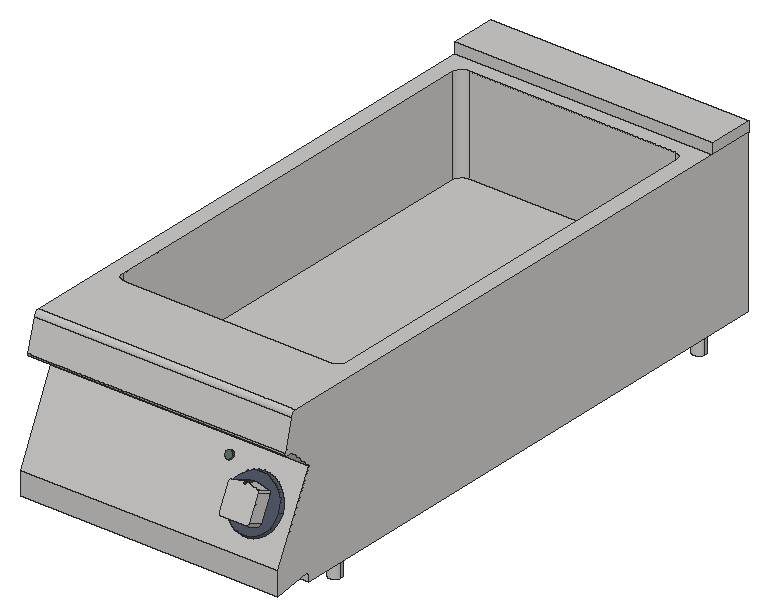
Revit family "QF_ZANUSSI_392124_Z9BMEDB000", category Specialty Equipment, Revit 2018
Family settings
  Round Connector Dimension = Use Diameter
  Part Type = Normal
  Work Plane-Based = No
  Always vertical = Yes
  Cut with Voids When Loaded = No
  Shared = No
  Room Calculation Point = No
Parameters
  Width = 400 mm  # constant formula
  Weight in Pounds = 32  # constant formula
  Weight = 0.00 kg
  Watts = 0 W
  Waste Water Discharge Temperature [instance] = -459.67 °F
  Volts = 230 V  # constant formula
  URL Manufacturer = "http://www.zanussiprofessional.com"
  URL Cutsheet = "www.electrolux.com"
  URL = "http://www.zanussiprofessional.com"
  Type Mark [instance] = ""
  Steam Supply Size = 0"
  Steam Supply Minimum Pressure = 0.00 psi
  Steam Supply Maximum Pressure = 0.00 psi
  Steam Pounds per Hour = 0
  Status [instance] = ""
  Specification by User [instance] = ""
  Specification by Manufacturer = ""
  Show Logo [instance] = yes
  Show Clearance [instance] = yes
  Serial Number = ""
  Seismic Rating = ""
  SMACNA No = ""
  Revision Code [instance] = ""
  Refrigeration Suction Line Size = 0"
  Refrigeration Liquid Line Size = 0"
  Refrigerant Compressor Remote = yes
  Plumbing Remarks [instance] = ""
  Plumbing Connection Type [instance] = ""
  Phase = 1
  Omniclass Number and Title = ""
  Number of Poles [instance] = 1
  NAFEM Spec ID Number = ""
  Model = "Z9BMEDB000"
  Min Ckt Ampacity = 0 A
  Max Overcurrent Protection = 0 A
  Masterspec = ""
  Manufacturer = "Zanussi"
  Length Actual = 400 mm  # constant formula
  Item Number [instance] = "392124"
  Installed By [instance] = ""
  Indirect Waste Size = 1 31/32"  # constant formula
  Indirect Waste Flow [instance] = 0 GPM
  Indirect Waste Connection Type [instance] = ""
  Indirect Waste Connection Height [instance] = 0 mm
  Identify Quantity as Lot [instance] = yes
  Hot Water Size = 0"
  Height Actual = 250 mm  # constant formula
  Height = 250 mm  # constant formula
  HP = "3 HP"
  Gas Size = 0"
  Gas KW = 0
  Gas Input Pressure = 0.0 Btu/h
  Furnished By [instance] = ""
  Foodservice Equipment Identifier [instance] = yes
  FL Amps = if(Phase = 3, Watts / (Volts * 1.73), Watts / Volts)  # 0 A
  Electrical Remarks [instance] = "230 V/1N ph/50/60 Hz"  # constant formula
  Electric Connection Type [instance] = ""
  Elec Conn RI Height [instance] = 0 mm
  Elec Conn Connection Height [instance] = 0 mm
  Direct Waste Size = 3/4"
  Description = "ELECTRIC BAIN-MARIE TOP 400 MM"
  Depth Actual = 900 mm  # constant formula
  Depth = 915 mm  # constant formula
  Cycle [instance] = if([60 Hertz Option], 60 Hz, 50 Hz)  # 60 Hz
  Conn Plug = ""
  Conn Conduit = yes
  Condensate Return Size = 0"
  Compressed Air Volume = 0 GPM
  Compressed Air Size = 0"
  Compressed Air Pressure = 0.00 psi
  Cold Water Size = 0"
  CSI MasterFormat = ""
  CSI Master Format = ""
  Apparent Power = if(Phase = 3, Volts * FL Amps * 1.73, Volts * FL Amps)  # 0 VA
  Accessory = yes
  60 Hertz Option [instance] = not([50 Hertz Option])  # yes
  50 Hertz Option [instance] = no
Reference planes
  plane 1 "BACK": y = 0
  plane 2: z = 0
  plane 3 "LEFT": x = 0
  plane 4 "RIGHT": x = 400
  plane 5 "FRONT": y = -915
  plane 6 "TOP": z = 274
  plane 7 "Center Y": x = 200
  plane 8 "Center X": y = -457.5
  plane 9: z = 24
  plane 10: x = 341
  plane 11: x = 11
  plane 12: x = 389
  plane 13: y = -92.539
  plane 14: y = -777.539
  plane 15: x = 312
  plane 16: z = 290
Forms (mm)
  Extrusion 1, solid, material "QF_Finishes_Stainless Steel"
    sketch origin (0, 0, 0) x (0, 1, 0) y (0, 0, 1)
      loop
        line (0, 24) -> (0, 274) -> (-879.358, 274)
        arc (-879.358, 274) -> (-884.643, 271.811) -> (-886.833, 266.526) r 7.474
        line (-886.833, 266.526) -> (-899.884, 221.011)
        arc (-899.884, 221.011) -> (-899.396, 218.379) -> (-897, 217.184) r 3
        line (-897, 217.184) -> (-886.802, 217.184) -> (-854.982, 185.364) -> (-915, 64.508) -> (-915, 29.508) -> (-858.645, 37.428)
        arc (-858.645, 37.428) -> (-856.101, 36.674) -> (-855, 34.259) r 3.2
        line (-855, 34.259) -> (-855, 24) -> (0, 24)
    from 0 to 400
  Extrusion 2, solid, material "QF_Finishes_Stainless Steel"
    sketch origin (0, 0, 0) x (1, 0, 0) y (0, 1, 0)
      loop
        circle (11, -82) r 9.525
      loop
        circle (11, -790) r 9.525
      loop
        circle (389, -82) r 9.525
      loop
        circle (389, -790) r 9.525
    from 0 to 24
  Extrusion 3, solid, material "QF_Finishes_Stainless Steel"
    sketch origin (0, 0, 274) x (0, -1, 0) y (1, 0, 0)
      loop
        line (69.85, 0) -> (69.85, 400) -> (0, 400) -> (0, 0) -> (69.85, 0)
    from 0 to 16
  Extrusion 4, void
    sketch origin (0, 0, 274) x (0, -1, 0) y (1, 0, 0)
      loop
        arc (92.539, 40) -> (96.932, 29.393) -> (107.539, 25) r 15
        line (107.539, 25) -> (747.539, 25)
        arc (747.539, 25) -> (758.145, 29.393) -> (762.539, 40) r 15
        line (762.539, 40) -> (762.539, 360)
        arc (762.539, 360) -> (758.145, 370.607) -> (747.539, 375) r 15
        line (747.539, 375) -> (107.539, 375)
        arc (107.539, 375) -> (96.932, 370.607) -> (92.539, 360) r 15
        line (92.539, 360) -> (92.539, 40)
    from 0 to -150
  Extrusion 5, solid, material "QF_Finishes_Stainless Steel"
    sketch origin (-7, 40, 24) x (-1, 0, 0) y (0, 1, 0)
      loop
        circle (-348, -625) r 9.525
    from 0 to 20
  Extrusion 6, solid, material "QF_Clearances", visible <- "Show Clearance", detail levels coarse
    sketch origin (0, 0, 0) x (1, 0, 0) y (0, 1, 0)
      loop
        line (0, 0) -> (400, 0) -> (400, -915) -> (550, -915) -> (550, 150) -> (-150, 150) -> (-150, -915) -> (0, -915) -> (0, 0)
    from 0 to 290
  Extrusion 7, solid, material "QF_Finishes_Stainless Steel"
    sketch origin (-10.353, 86.363, 24) x (-1, 0, 0) y (0, 1, 0)
      loop
        circle (-322.353, -224.363) r 25
    from 0 to 20
  Blend 8, solid, material "QF_Finishes_Navy Blue"
    base sketch origin (341, -884.991, 124.936) x (1, 0, 0) y (0, 0.444781, 0.895639)
      loop
        circle (0, 0) r 42.5
    top sketch origin (341, -884.991, 124.936) x (1, 0, 0) y (0, 0.444781, 0.895639)
      loop
        circle (0, 0) r 40.5
    from 0 to 5
  Extrusion 9, solid, material "QF_Finishes_Stainless Steel"
    sketch origin (108.5, -884.991, 124.936) x (1, 0, 0) y (0, 0.444781, 0.895639)
      loop
        arc (211.353, 22.789) -> (210.006, 21.685) -> (209.5, 20.019) r 2.997
        line (209.5, 20.019) -> (209.5, -20.019)
        arc (209.5, -20.019) -> (210.378, -22.138) -> (212.497, -23.016) r 2.997
        line (212.497, -23.016) -> (252.503, -23.016)
        arc (252.503, -23.016) -> (254.622, -22.138) -> (255.5, -20.019) r 2.997
        line (255.5, -20.019) -> (255.5, 20.019)
        arc (255.5, 20.019) -> (254.994, 21.685) -> (253.647, 22.789) r 2.997
        arc (253.647, 22.789) -> (232.5, 26.984) -> (211.353, 22.789) r 55.4
    from 10 to 34
  Extrusion 10, solid, material "QF_Plastic-Black-Matte"
    sketch origin (283.5, -884.991, 124.936) x (0, 0.444781, 0.895639) y (0, 0.895639, -0.444781)
      loop
        line (26.984, -34) -> (23.984, -34) -> (23.984, -35) -> (26.984, -35)
        arc (26.984, -35) -> (27.691, -34.707) -> (27.984, -34) r 1
        line (27.984, -34) -> (27.984, -19) -> (26.984, -19) -> (26.984, -34)
    from -58.5 to -56.5
  Extrusion 11, solid, material "QF_Finishes_Stainless Steel"
    sketch origin (341, -884.991, 124.936) x (-1, 0, 0) y (0, -0.444781, -0.895639)
      loop
        line (17.5, -17.5) -> (17.5, 17.5) -> (-17.5, 17.5) -> (-17.5, -17.5) -> (17.5, -17.5)
    from 5 to 10
  Extrusion 12, solid, material "QF_Finishes_DarkGreen"
    sketch origin (341, -864.976, 165.24) x (1, 0, 0) y (0, 0.444781, 0.895639)
      loop
        circle (-55.001, 0) r 6
    from 0 to 1.6
Cuts and joins
  Extrusion 4 cuts Extrusion 1
Lines and regions (mm)
  Split face 1
    outline origin (341, -889.469, 127.16) x (1, 0, 0) y (0, 0.444781, 0.895639)
      loop
        circle (0, 33) r 1
  Split face 2
    outline origin (341, -889.469, 127.16) x (1, 0, 0) y (0, 0.444781, 0.895639)
      loop
        circle (-33, 0) r 1
  Split face 3
    outline origin (341, -889.469, 127.16) x (-1, 0, 0) y (0, 0.444781, 0.895639)
      loop
        circle (31.876, -8.541) r 1
  Split face 4
    outline origin (341, -889.469, 127.16) x (-1, 0, 0) y (0, 0.444781, 0.895639)
      loop
        circle (28.579, -16.5) r 1
  Split face 5
    outline origin (341, -889.469, 127.16) x (-1, 0, 0) y (0, 0.444781, 0.895639)
      loop
        circle (23.335, -23.335) r 1
  Split face 6
    outline origin (341, -889.469, 127.16) x (-1, 0, 0) y (0, 0.444781, 0.895639)
      loop
        circle (16.5, -28.579) r 1
  Split face 7
    outline origin (341, -889.469, 127.16) x (-1, 0, 0) y (0, 0.444781, 0.895639)
      loop
        circle (8.541, -31.876) r 1
  Split face 8
    outline origin (341, -889.469, 127.16) x (1, 0, 0) y (0, -0.444781, -0.895639)
      loop
        circle (33, 0) r 1
  Split face 9
    outline origin (341, -889.469, 127.16) x (-1, 0, 0) y (0, -0.444781, -0.895639)
      loop
        circle (-8.541, 31.876) r 1
  Split face 10
    outline origin (341, -889.469, 127.16) x (-1, 0, 0) y (0, -0.444781, -0.895639)
      loop
        circle (-16.5, 28.579) r 1
  Split face 11
    outline origin (341, -889.469, 127.16) x (-1, 0, 0) y (0, -0.444781, -0.895639)
      loop
        circle (-23.335, 23.335) r 1
  Split face 12
    outline origin (341, -889.469, 127.16) x (-1, 0, 0) y (0, -0.444781, -0.895639)
      loop
        circle (-28.579, 16.5) r 1
  Split face 13
    outline origin (341, -889.469, 127.16) x (-1, 0, 0) y (0, -0.444781, -0.895639)
      loop
        circle (-31.876, 8.541) r 1
  Split face 14
    outline origin (341, -889.469, 127.16) x (1, 0, 0) y (0, 0.444781, 0.895639)
      loop
        circle (0, -33) r 1
  symbolic lines, style "QF_Clearances", visible <- "Show Clearance", detail levels coarse
    curve 1: line (550, -915, 0) -> (550, 150, 0)
    curve 2: line (550, 150, 0) -> (-150, 150, 0)
    curve 3: line (-150, 150, 0) -> (-150, -915, 0)
  symbolic lines
    curve 4: line (400, -915, 0) -> (400, 0, 0)
    curve 5: line (400, 0, 0) -> (0, 0, 0)
    curve 6: line (0, 0, 0) -> (0, -915, 0)
    curve 7: line (25, -107.539, 0) -> (25, -762.539, 0)
    curve 8: arc (25, -762.539, 0) -> (29.393, -773.145, 0) -> (40, -777.539, 0) r 15
    curve 9: line (40, -777.539, 0) -> (353, -777.539, 0)
    curve 10: arc (353, -777.539, 0) -> (363.607, -773.145, 0) -> (368, -762.539, 0) r 15
    curve 11: line (368, -762.539, 0) -> (368, -107.539, 0)
    curve 12: arc (368, -107.539, 0) -> (363.607, -96.932, 0) -> (353, -92.539, 0) r 15
    curve 13: line (353, -92.539, 0) -> (40, -92.539, 0)
    curve 14: arc (40, -92.539, 0) -> (29.393, -96.932, 0) -> (25, -107.539, 0) r 15
    curve 15: line (0, -69.85, 0) -> (400, -69.85, 0)
    curve 16: line (0, -900, 0) -> (400.05, -900, 0)
    curve 17: line (318, -900, 0) -> (318, -924.347, 0)
    curve 18: arc (318, -924.347, 0) -> (318.146, -924.811, 0) -> (318.532, -925.107, 0) r 0.809
    curve 19: arc (318.532, -925.107, 0) -> (319.72, -925.587, 0) -> (320.997, -925.68, 0) r 4.127
    curve 20: arc (318, -904.292, 0) -> (312.959, -902.458, 0) -> (308.191, -900, 0) r 42.24
    curve 21: arc (318, -906.539, 0) -> (318.502, -905.818, 0) -> (319.299, -905.448, 0) r 1.682
    curve 22: arc (319.299, -905.448, 0) -> (329.602, -903.95, 0) -> (340, -903.441, 0) r 109.079
    curve 23: line (340, -900, 0) -> (340, -905.671, 0)
    curve 24: line (340, -905.671, 0) -> (342, -905.671, 0)
    curve 25: line (342, -905.671, 0) -> (342, -900, 0)
    curve 26: line (364, -900, 0) -> (364, -924.347, 0)
    curve 27: arc (364, -924.347, 0) -> (363.854, -924.811, 0) -> (363.468, -925.107, 0) r 0.809
    curve 28: arc (363.468, -925.107, 0) -> (362.28, -925.587, 0) -> (361.003, -925.68, 0) r 4.127
    curve 29: arc (364, -904.292, 0) -> (369.041, -902.458, 0) -> (373.809, -900, 0) r 42.24
    curve 30: arc (364, -906.539, 0) -> (363.498, -905.818, 0) -> (362.701, -905.448, 0) r 1.682
    curve 31: arc (362.701, -905.448, 0) -> (352.398, -903.95, 0) -> (342, -903.441, 0) r 109.079
    curve 32: line (320.997, -925.68, 0) -> (361.003, -925.68, 0)
    curve 33: line (364, -915, 0) -> (400, -915, 0)
    curve 34: line (0, -915, 0) -> (318, -915, 0)
Dimensions and locks
  equal spacing: plane 3 "LEFT", plane 7 "Center Y", plane 4 "RIGHT"
  "Width": plane 3 "LEFT" to plane 4 "RIGHT"
  equal spacing: plane 5 "FRONT", plane 8 "Center X", plane 1 "BACK"
  "Depth": plane 5 "FRONT" to plane 1 "BACK"
  plane 9 to level = 24 mm  (x2)
  plane 10 to plane 4 "RIGHT" = 59 mm  (x3)
  plane 11 to plane 3 "LEFT" = 11 mm
  locked: plane 12 to plane 4 "RIGHT" at 11
  plane 1 "BACK" to plane 5 "FRONT" = 915 mm
  Extrusion 5 to plane 9 = 20 mm
  plane 1 "BACK" to Extrusion 5 = 585 mm
  plane 1 "BACK" to Extrusion 2 to Extrusion 2 = 82 mm, 708 mm
  plane 11 to plane 12 = 378 mm
  plane 1 "BACK" to curve 2 = 150 mm
  plane 4 "RIGHT" to curve 1 = 150 mm
  curve 3 to plane 3 "LEFT" = 150 mm
  Extrusion 7 sketch curve to plane 1 "BACK" = 138 mm
  Extrusion 7 sketch curve to plane 4 "RIGHT" = 88 mm
  Extrusion 5 sketch curve to plane 1 "BACK" = 585 mm
  Extrusion 5 sketch curve to plane 4 "RIGHT" = 59 mm
  Extrusion 5 to plane 1 "BACK" = 585 mm
  Extrusion 7 to plane 1 "BACK" = 138 mm
  plane 15 to plane 4 "RIGHT" = 88 mm
  "Height": plane 6 "TOP" to plane 9
  plane 6 "TOP" to plane 9 = 250 mm
  plane 1 "BACK" to Extrusion 7 = 138 mm
  plane 16 to level = 290 mm
  aligned and locked: level to plane 2
  aligned and locked: Extrusion 1 to plane 4 "RIGHT"
Automatic sketch dimensions
  Extrusion 2 sketch curve to plane 11 = 0 mm  (x2)
  Extrusion 2 sketch curve to plane 12 = 0 mm  (x2)
  Extrusion 2 sketch curve to plane 14 = 12.461 mm  (x2)
  plane 13 to Extrusion 2 sketch curve = 10.539 mm  (x2)
  curve 8 to plane 14 = 0 mm
  curve 14 to plane 13 = 0 mm
  plane 1 "BACK" to curve 4 = 0 mm
  curve 4 to plane 4 "RIGHT" = 0 mm
  plane 5 "FRONT" to curve 1 = 0 mm
  plane 5 "FRONT" to curve 6 = 0 mm
  plane 5 "FRONT" to curve 3 = 0 mm
  plane 11 to curve 14 = 14 mm
  curve 7 to curve 8 = 15 mm
  curve 14 to curve 14 = 15 mm
  curve 12 to plane 10 = 12 mm
  curve 10 to plane 10 = 12 mm
  curve 12 to plane 13 = 15 mm
  plane 13 to curve 15 = 22.689 mm
  Extrusion 4 sketch curve to Extrusion 4 sketch curve = 15 mm  (x4)
  plane 5 "FRONT" to Extrusion 6 sketch curve = 0 mm  (x2)
  Extrusion 6 sketch curve to plane 3 "LEFT" = 0 mm
  Extrusion 6 sketch curve to plane 4 "RIGHT" = 0 mm
  plane 1 "BACK" to Extrusion 6 sketch curve = 0 mm
  Extrusion 6 sketch curve to plane 3 "LEFT" = 150 mm
  Extrusion 6 sketch curve to plane 4 "RIGHT" = 150 mm
  Extrusion 6 sketch curve to plane 1 "BACK" = 150 mm
  Extrusion 1 sketch curve to plane 6 "TOP" = 0 mm
  Extrusion 1 sketch curve to plane 9 = 0 mm
  plane 9 to Extrusion 1 sketch curve = 5.508 mm
  plane 5 "FRONT" to Extrusion 1 sketch curve = 0 mm
  Extrusion 1 sketch curve to plane 6 "TOP" = 52.989 mm
  Extrusion 1 sketch curve to Extrusion 1 sketch curve = 15.116 mm
  Extrusion 1 sketch curve to Extrusion 1 sketch curve = 2.884 mm
  Extrusion 1 sketch curve to plane 6 "TOP" = 7.474 mm
  Extrusion 1 sketch curve to Extrusion 1 sketch curve = 13.051 mm
  Extrusion 1 sketch curve to Extrusion 1 sketch curve = 10.198 mm
  plane 9 to Extrusion 1 sketch curve = 13.428 mm
  Extrusion 1 sketch curve to Extrusion 1 sketch curve = 56.355 mm
  Extrusion 1 sketch curve to Extrusion 1 sketch curve = 0.445 mm
  Extrusion 1 sketch curve to Extrusion 1 sketch curve = 3.2 mm
  Extrusion 1 sketch curve to Extrusion 1 sketch curve = 31.82 mm
  plane 13 to Extrusion 1 sketch curve = 92.539 mm
  Extrusion 1 sketch curve to Extrusion 1 sketch curve = 35 mm
  Extrusion 1 sketch curve to Extrusion 1 sketch curve = 35.647 mm
  Extrusion 1 sketch curve to Extrusion 1 sketch curve = 3.827 mm
  plane 1 "BACK" to Extrusion 3 sketch curve = 0 mm
  Extrusion 3 sketch curve to plane 3 "LEFT" = 0 mm
  Extrusion 3 sketch curve to plane 4 "RIGHT" = 0 mm
  plane 13 to Extrusion 3 sketch curve = 22.689 mm
  Extrusion 4 sketch curve to plane 13 = 0 mm
  plane 14 to Extrusion 4 sketch curve = 30 mm
  plane 12 to Extrusion 4 sketch curve = 14 mm
  plane 11 to Extrusion 4 sketch curve = 29 mm
  plane 4 "RIGHT" to Blend 8 sketch curve = 59 mm  (x2)
  plane 4 "RIGHT" to Extrusion 9 sketch curve = 82 mm
  Extrusion 9 sketch curve to Extrusion 9 sketch curve = 2.997 mm  (x3)
  Extrusion 9 sketch curve to Extrusion 9 sketch curve = 20.003 mm  (x2)
  Extrusion 9 sketch curve to Extrusion 9 sketch curve = 40.005 mm
  Extrusion 9 sketch curve to Extrusion 9 sketch curve = 5.399 mm
  Extrusion 9 sketch curve to Extrusion 9 sketch curve = 40.037 mm
  Extrusion 9 sketch curve to Extrusion 9 sketch curve = 0 mm  (x2)
  Extrusion 10 sketch curve to plane 5 "FRONT" = 9.329 mm
  Extrusion 10 sketch curve to plane 6 "TOP" = 112.016 mm
  Extrusion 10 sketch curve to Extrusion 10 sketch curve = 3 mm
  Extrusion 10 sketch curve to Extrusion 10 sketch curve = 0 mm
  Extrusion 10 sketch curve to Extrusion 10 sketch curve = 1 mm  (x2)
  Extrusion 10 sketch curve to Extrusion 10 sketch curve = 15 mm
  plane 4 "RIGHT" to Extrusion 11 sketch curve = 41.5 mm
  Extrusion 11 sketch curve to Extrusion 11 sketch curve = 35 mm  (x2)
  plane 4 "RIGHT" to Extrusion 12 sketch curve = 114.001 mm
  plane 5 "FRONT" to curve 4 = 0 mm
  curve 16 to plane 3 "LEFT" = 0 mm
  plane 7 "Center Y" to curve 18 = 118.809 mm
  curve 18 to curve 21 = 0.774 mm
  curve 18 to curve 19 = 1.846 mm
  curve 21 to curve 20 = 10.309 mm
  plane 7 "Center Y" to curve 22 = 140.131 mm
  curve 22 to curve 31 = 1.738 mm
  curve 20 to curve 29 = 22.215 mm
  plane 7 "Center Y" to curve 28 = 161.346 mm
  curve 28 to curve 30 = 1.071 mm
  curve 29 to plane 5 "FRONT" = 51.239 mm
  curve 21 to curve 30 = 0 mm
  curve 28 to curve 30 = 14.462 mm
  curve 18 to curve 19 = 2.779 mm
  curve 27 to curve 28 = 2.779 mm
  curve 31 to curve 27 = 88.173 mm
  curve 22 to curve 31 = 0 mm  (x2)
  curve 20 to curve 21 = 11.392 mm
  curve 21 to curve 21 = 1.583 mm
  curve 18 to curve 18 = 0.277 mm
  curve 21 to curve 21 = 0.284 mm
  curve 19 to curve 19 = 2.465 mm
  curve 21 to curve 22 = 20.417 mm
  curve 22 to curve 31 = 2 mm
  curve 32 to curve 27 = 2.189 mm
  curve 30 to curve 30 = 0.284 mm
  curve 27 to curve 28 = 0.277 mm
  curve 27 to curve 27 = 0.809 mm
  curve 31 to curve 29 = 1.299 mm
  curve 26 to curve 29 = 9.809 mm
  curve 16 to plane 4 "RIGHT" = 0.05 mm
  curve 21 to curve 20 = 7.106 mm
  curve 20 to curve 17 = 4.292 mm
  curve 22 to curve 23 = 3.441 mm
  curve 25 to curve 31 = 2.23 mm
  curve 19 to curve 34 = 6.567 mm
  radius of Extrusion 2 sketch curve = 9.525 mm  (x4)
  radius of Extrusion 5 sketch curve = 9.525 mm
  radius of Extrusion 7 sketch curve = 25 mm
  radius of Blend 8 sketch curve = 42.5 mm
  radius of Blend 8 sketch curve = 40.5 mm
  radius of Split face 1 sketch curve = 1 mm
  radius of Split face 2 sketch curve = 1 mm
  radius of Split face 3 sketch curve = 1 mm
  radius of Split face 4 sketch curve = 1 mm
  radius of Split face 5 sketch curve = 1 mm
  radius of Split face 6 sketch curve = 1 mm
  radius of Split face 7 sketch curve = 1 mm
  radius of Split face 8 sketch curve = 1 mm
  radius of Split face 9 sketch curve = 1 mm
  radius of Split face 10 sketch curve = 1 mm
  radius of Split face 11 sketch curve = 1 mm
  radius of Split face 12 sketch curve = 1 mm
  radius of Split face 13 sketch curve = 1 mm
  radius of Split face 14 sketch curve = 1 mm
  radius of Extrusion 12 sketch curve = 6 mm
Connectors
  piping at (312, -138, 4), diameter 50
    settings: on Extrusion 7, index 2, connector inside diameter 1.9685", connector length 0 mm, flow factor 0, pipe flow 0 GPM, pressure drop 0.00 psi, fitting loss kfactor 0, connector angle 0.00°, fixture units 0, engagement length 0 mm, angle of deflection 0.00°, flow configuration 1, flow direction 2, fitting loss method 0, system type 16, joint type 0, gender type 0, connector reference index -1, connector utility 0, adjustable connector no, is connector primary yes, connector description "DRAIN"
  electrical at (341, -585, 4)
    settings: on Extrusion 5, index 3, voltage 0 V, apparent load 0 VA, apparent load phase1 0 VA, apparent load phase2 0 VA, apparent load phase3 0 VA, power factor 1, load classification "Other", number of poles 1, system type 30, power factor state 1, is connector primary yes, connector utility no, sub classification motor no, connector description ""
